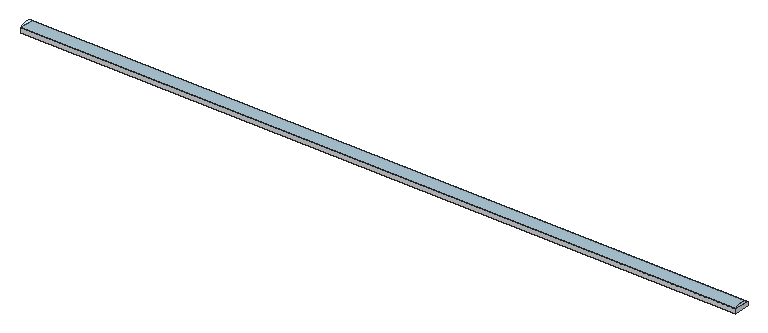
Revit family "277V DOBLE 5050 IP65_L14277WW_NW", category Luminarias, Revit 2019
Family settings
  Cota de conector redondo = Diámetro de uso
  Tipo de pieza = Normal
  Se basa en plano de trabajo = Sí
  Siempre vertical = No
  Corte con vacíos al cargar = No
  Origen de luz = Sí
  Compartido = No
  Punto de cálculo de habitación = No
Parameters (values of type "277V DOBLE 5050 IP65_L14277NW")
  Tilt Angle = 60.00°
  built-in parameter 1010506 = 0.5236 (stored number, unit not read)
  built-in parameter 1010507 = 1.5708 (stored number, unit not read)
  Zone [instance] = ""
  Watt per fixture [instance] = (Longitud / 1000 mm) * (20)  # 20
  Wattage = 20 W
  built-in parameter 1150107 = 4500 (stored number, unit not read)
  built-in parameter 1150110 = 1 (stored number, unit not read)
  built-in parameter 1150109 = 1 (stored number, unit not read)
  built-in parameter 1150112 = 1 (stored number, unit not read)
  built-in parameter 1150113 = 1 (stored number, unit not read)
  built-in parameter 1114218 = 1 (stored number, unit not read)
  built-in parameter 1150137 = (empty or 0)
  built-in parameter 1150132 = (empty or 0)
  Modelo = "L14277NW"
  Lámpara = "5050 SMD"
  Longitud de símbolo de origen de luz = 1500 mm
  Longitud de línea de emisión = 600 mm
  Longitud [instance] = 1000 mm
  LCl2 Conector Intermedio [instance] = 0
  LCL2 Clips de Sujecion [instance] = (Longitud / 1000 mm) * (4)  # 4
  LCG2 Funda Termo contractil [instance] = (LCC4 Convertidor de Corriente) * (2)  # 2
  LCF2 Tapa Final [instance] = (LCC4 Convertidor de Corriente) * (1)  # 1
  LCC4 Convertidor de Corriente [instance] = 1
  LCA2 Conector Aguja [instance] = (LCC4 Convertidor de Corriente) * (1)  # 1
  built-in parameter 1150105 = 3407.1 (stored number, unit not read)
  built-in parameter 1150102 = (empty or 0)
  built-in parameter 1150106 = 34.071 (stored number, unit not read)
  Lumens = 1019 lm
  Color Filter = 16777215
  built-in parameter 1114217 = 1 (stored number, unit not read)
  built-in parameter 1150139 = (empty or 0)
  Fabricante = "BRILLANT"
  Default Elevation = 0 mm
  built-in parameter 1150104 = 4.7334 (stored number, unit not read)
  Descripción = "TIRA LED DOBLE DE PCB CON RECUBRIMIENTO DE PLASTICO 21MM MONOCROMATICA , CON UNA POTENCIA DE 20W/M DE UN TIPO DE LED 5050 SMD, USO PARA INTERIORES COMO EXTERIORES IP65, IRC80, 120 LEDS POR METRO, PRESENTACION DE 50M, TEMPERATURA EN BLANCO FRIO 4500K, 1019 LUMENES POR METRO, EFICIENCIA DE 50.95 LM/W, CORTE A 50CM, ALIMENTADA A 277V, REQUIERE ACCESORIOS COMO CONVERTIDOR DE CORRIENTE (1 POR SEGMENTO DE TIRA), CONECTOR INTERMEDIO (CONSIDERAR EN CORTES DE TIRA O ANGULOS CERRADOS), CONECTOR AGUJA (CONSIDERAR 1PZA PRO CADA CONVERTIDOR), FUNDA TERMOCONTRACTIL (CONSIDERAR 2PZAS POR SEGMENTO DE TIRA), TAPA FINAL (CONSIDERAR 1PZA POR SEGMENTO DE TIRA) Y CLIPS DE SUJECION (CONSIDERAR 4 PZAS POR 1M)"
  built-in parameter 1150115 = 1 (stored number, unit not read)
  built-in parameter 1150114 = 1 (stored number, unit not read)
  Costo USD_L14277 [instance] = (Longitud / 1000 mm) * (25)  # 25
  Cost = 0
  Comentarios de vataje = "277V"
  built-in parameter 1150138 = (empty or 0)
  built-in parameter 1150134 = (empty or 0)
  Circuit [instance] = ""
  Dimming Lamp Color Temperature Shift = (empty or 0)
  built-in parameter 1150133 = 10 (stored number, unit not read)
Types (2, lengths in mm): name | built-in parameter 1150107 | Modelo | Descripción
  277V DOBLE 5050 IP65_L14277WW | 3000 (stored number, unit not read) | "L14277WW" | "TIRA LED DOBLE DE PCB CON RECUBRIMIENTO DE PLASTICO 21MM MONOCROMATICA , CON UNA POTENCIA DE 20W/M DE UN TIPO DE LED 5050 SMD, USO PARA INTERIORES COMO EXTERIORES IP65, IRC80, 120 LEDS POR METRO, PRESENTACION DE 50M, TEMPERATURA EN BLANCO CALIDO 3000K, 1019 LUMENES POR METRO, EFICIENCIA DE 50.95 LM/W, CORTE A 50CM, ALIMENTADA A 277V, REQUIERE ACCESORIOS COMO CONVERTIDOR DE CORRIENTE (1 POR SEGMENTO DE TIRA), CONECTOR INTERMEDIO (CONSIDERAR EN CORTES DE TIRA O ANGULOS CERRADOS), CONECTOR AGUJA (CONSIDERAR 1PZA PRO CADA CONVERTIDOR), FUNDA TERMOCONTRACTIL (CONSIDERAR 2PZAS POR SEGMENTO DE TIRA), TAPA FINAL (CONSIDERAR 1PZA POR SEGMENTO DE TIRA) Y CLIPS DE SUJECION (CONSIDERAR 4 PZAS POR 1M)"
  277V DOBLE 5050 IP65_L14277NW | 4500 (stored number, unit not read) | "L14277NW" | "TIRA LED DOBLE DE PCB CON RECUBRIMIENTO DE PLASTICO 21MM MONOCROMATICA , CON UNA POTENCIA DE 20W/M DE UN TIPO DE LED 5050 SMD, USO PARA INTERIORES COMO EXTERIORES IP65, IRC80, 120 LEDS POR METRO, PRESENTACION DE 50M, TEMPERATURA EN BLANCO FRIO 4500K, 1019 LUMENES POR METRO, EFICIENCIA DE 50.95 LM/W, CORTE A 50CM, ALIMENTADA A 277V, REQUIERE ACCESORIOS COMO CONVERTIDOR DE CORRIENTE (1 POR SEGMENTO DE TIRA), CONECTOR INTERMEDIO (CONSIDERAR EN CORTES DE TIRA O ANGULOS CERRADOS), CONECTOR AGUJA (CONSIDERAR 1PZA PRO CADA CONVERTIDOR), FUNDA TERMOCONTRACTIL (CONSIDERAR 2PZAS POR SEGMENTO DE TIRA), TAPA FINAL (CONSIDERAR 1PZA POR SEGMENTO DE TIRA) Y CLIPS DE SUJECION (CONSIDERAR 4 PZAS POR 1M)"
Reference planes
  plane 1 "Centro (Frontal/Posterior)": y = 0
  plane 2: z = 0
  plane 3 "Centro (Izquierda/Derecha)": x = 0
  plane 4: x = 0
  plane 5: z = 12
  plane 6: x = -1000
Forms (mm)
  Extrusion 1, solid
    sketch origin (0, 0, 0) x (1, 0, 0) y (0, 1, 0)
      loop
        line (-1000, 10.462) -> (-1000, -10.539) -> (0, -10.539) -> (0, 10.462) -> (-1000, 10.462)
    from 0 to 6.038
  Extrusion 2, solid, material "Cristal"
    sketch origin (0, 0, 0) x (0, 1, 0) y (0, 0, 1)
      loop
        arc (10.5, 6.038) -> (0, 10.038) -> (-10.5, 6.038) r 15.781
        line (-10.5, 6.038) -> (10.5, 6.038)
    from -1000 to 0
Dimensions and locks
  "Longitud": plane 6 to plane 4
  aligned and locked: level to plane 2
  aligned and locked: Extrusion 1 to plane 4
  aligned and locked: plane 6 to Extrusion 1
  aligned and locked: Extrusion 2 to Extrusion 1
  aligned and locked: plane 3 "Centro (Izquierda/Derecha)" to Extrusion 2
  aligned and locked: plane 3 "Centro (Izquierda/Derecha)" to Extrusion 1
Automatic sketch dimensions
  Extrusion 1 sketch curve to plane 6 = 0 mm
  Extrusion 1 sketch curve to plane 3 "Centro (Izquierda/Derecha)" = 0 mm
  plane 1 "Centro (Frontal/Posterior)" to Extrusion 1 sketch curve = 10.539 mm
  Extrusion 1 sketch curve to plane 1 "Centro (Frontal/Posterior)" = 10.462 mm
  Extrusion 2 sketch curve to level = 5.743 mm
  Extrusion 2 sketch curve to plane 1 "Centro (Frontal/Posterior)" = 0 mm
  plane 1 "Centro (Frontal/Posterior)" to Extrusion 2 sketch curve = 10.5 mm
  Extrusion 2 sketch curve to plane 5 = 5.962 mm
Connectors
  electrical at (0, -0.038, 3.019)
    settings: on Extrusion 1, index 1, voltage 277 V, apparent load 0 VA, apparent load phase1 0 VA, apparent load phase2 0 VA, apparent load phase3 0 VA, power factor 1, load classification "Otro", number of poles 1, system type 31, power factor state 1, is connector primary yes, connector utility no, sub classification motor no, connector description ""
